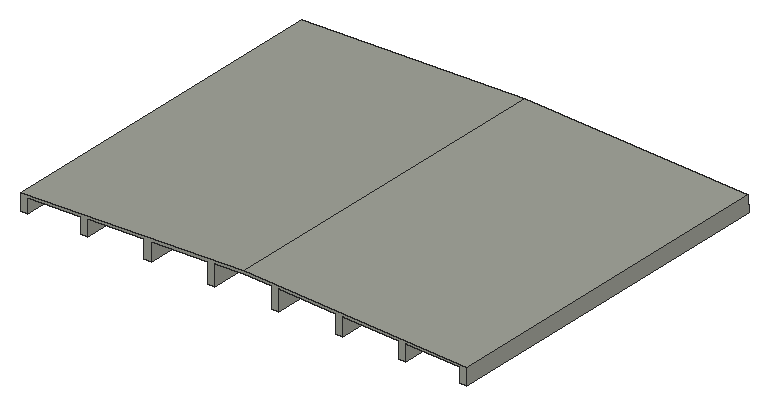
Revit family "CT_Bl_I_Lj_Nervurada", category Structural Framing, Revit 2025
Family settings
  Section Shape = Not Defined
  Material for Model Behavior = Other
  Always export as geometry = No
  OmniClass Number = 23.25.30.11.14.14
  OmniClass Title = Beams
  Always vertical = Yes
  Cut with Voids When Loaded = No
  Symbolic Representation = From Family
  Shared = No
  Show family pre-cut in plan views = Yes
Parameters (values of type "LAJ_CON_NER_COB")
  Structural Material [instance] = (empty or 0)
  Material_Lajes = CT_Concreto
  Length [instance] = 3.000 m
  Comp [instance] = 15.000 m
Reference planes (m)
  plane 1 "Center (Front/Back)": y = 0
  plane 2 "Center Elevation": z = 0
  plane 3 "Center (Left/Right)": x = 0
  plane 4 "Left": x = -1.5
  plane 5 "Right": x = 1.5
Forms (m)
  Extrusion 1, solid, material "CT_Concreto" <- "Material_Lajes"
    sketch origin (0, 0, 0) x (1, 0, 0) y (0, 0, 1)
      loop
        line (-6.635714, 0.691816) -> (-4.221429, 0.778261) -> (-4.221429, 0) -> (-3.921429, 0) -> (-3.921429, 0.789003) -> (-1.507143, 0.875448) -> (-1.507143, 0) -> (-1.207143, 0) -> (-1.207143, 0.88619) -> (0, 0.929413) -> (1.207143, 0.88619) -> (1.207143, 0) -> (1.507143, 0) -> (1.507143, 0.875448) -> (3.921429, 0.789003) -> (3.921429, 0) -> (4.221429, 0) -> (4.221429, 0.778261) -> (6.635714, 0.691816) -> (6.635714, 0) -> (6.935714, 0) -> (6.935714, 0.681074) -> (9.2, 0.6) -> (9.2, 0) -> (9.5, 0) -> (9.5, 0.689322) -> (0, 1.029477) -> (-9.5, 0.689322) -> (-9.5, 0) -> (-9.2, 0) -> (-9.2, 0.6) -> (-6.935714, 0.681074) -> (-6.935714, 0) -> (-6.635714, 0) -> (-6.635714, 0.691816)
    from 0 to 15
Lines and regions (m)
  model lines, style "Stick Symbols", detail levels coarse
    curve 1: line (-1, 0, 0) -> (1, 0, 0)
Dimensions and locks (m)
  "Length": plane 4 "Left" to plane 5 "Right"
  "Comp": Extrusion 1 to Extrusion 1
  aligned and locked: plane 1 "Center (Front/Back)" to curve 1
  aligned and locked: level to plane 2 "Center Elevation"
  aligned and locked: Extrusion 1 to plane 2 "Center Elevation"  (x3)
  aligned and locked: plane 2 "Center Elevation" to Extrusion 1  (x4)
Automatic sketch dimensions
  Extrusion 1 sketch curve to level = 0.000 m  (x8)
  plane 4 "Left" to Extrusion 1 sketch curve = 0.007143 m
  level to Extrusion 1 sketch curve = 0.789003 m
  Extrusion 1 sketch curve to Extrusion 1 sketch curve = 2.414286 m  (x4)
  Extrusion 1 sketch curve to Extrusion 1 sketch curve = 0.300 m  (x6)
  level to Extrusion 1 sketch curve = 0.681074 m  (x2)
  Extrusion 1 sketch curve to Extrusion 1 sketch curve = 2.264286 m  (x2)
  level to Extrusion 1 sketch curve = 0.689322 m
  Extrusion 1 sketch curve to plane 5 "Right" = 0.007143 m
  level to Extrusion 1 sketch curve = 0.600 m
  Extrusion 1 sketch curve to Extrusion 1 sketch curve = 0.089322 m  (x2)
  Extrusion 1 sketch curve to Extrusion 1 sketch curve = 0.010742 m  (x6)
  level to Extrusion 1 sketch curve = 0.778261 m
  level to Extrusion 1 sketch curve = 0.875448 m  (x2)
  level to Extrusion 1 sketch curve = 0.929413 m
  Extrusion 1 sketch curve to Extrusion 1 sketch curve = 0.100064 m
  Extrusion 1 sketch curve to plane 3 "Center (Left/Right)" = 0.000 m  (x2)
  curve 1 to plane 4 "Left" = 0.500 m
  Extrusion 1 sketch curve to plane 4 "Left" = 0.292857 m
  plane 5 "Right" to curve 1 = 0.500 m
  plane 5 "Right" to Extrusion 1 sketch curve = 0.292857 m
